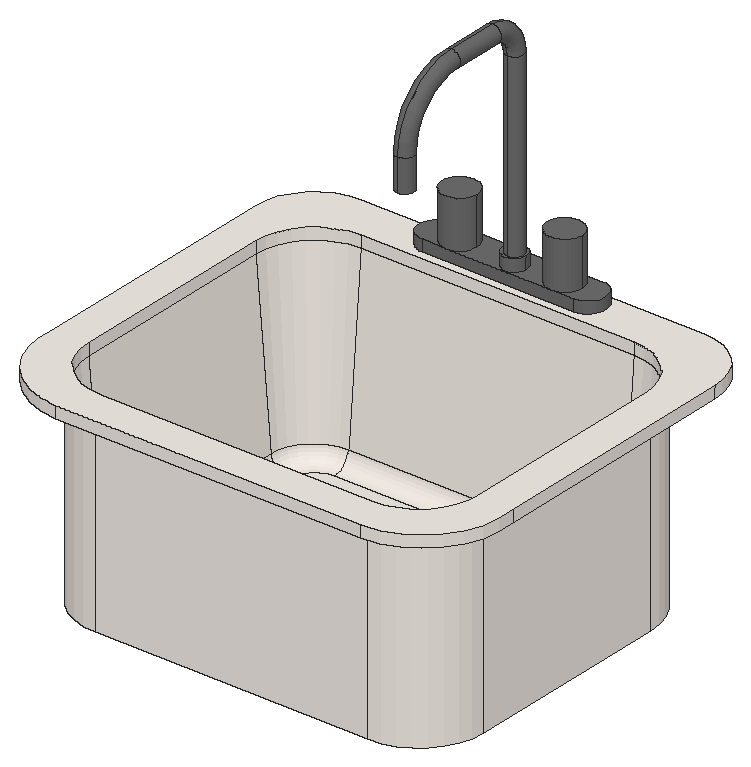
Revit family
Parameters (values of type "500 x 440mm")
  Basin Material = Porcelain - Linen
  Counter Height [instance] = 750.00 mm
  Depth = 440.00 mm
  Fixture Material = Metal - Steel, Polished
  Width = 500.00 mm
Reference planes
  plane 1 "Center (Front/Back)": y = 5.52
  plane 2: z = 0
  plane 3 "Center (Left/Right)": x = 15.689
  plane 4: y = 180.145
  plane 5: y = -259.855
  plane 6: x = -234.311
  plane 7: x = 265.689
  plane 8 "Top Of Counter": z = 750
  plane 9: z = 762.7
  plane 10: z = 534.1
  plane 11: y = 132.52
  plane 12: x = -196.211
  plane 13: y = -221.755
  plane 14: x = 227.589
  plane 15: x = -85.911
  plane 16: x = 117.289
  plane 17: y = 156.333
  plane 18: y = 156.333
  plane 19: y = 156.333
  plane 20: z = 1013.525
  plane 21: y = 7.108
  plane 22: z = 826.2
  plane 23: z = 788.1
  plane 24: y = 161.095
  plane 25: x = -47.811
  plane 26: x = 66.489
Forms (mm)
  Extrusion 1, solid, material "Porcelain - Linen" <- "Basin Material"
    sketch origin (0, 0, 0) x (1, 0, 0) y (0, 1, 0)
      loop
        arc (181.339, -259.855) -> (246.052, -227.766) -> (265.689, -158.255) r 89.057
        line (265.689, -158.255) -> (265.689, 116.645)
        arc (265.689, 116.645) -> (247.091, 161.547) -> (202.189, 180.145) r 63.5
        line (202.189, 180.145) -> (-170.811, 180.145)
        arc (-170.811, 180.145) -> (-215.712, 161.547) -> (-234.311, 116.645) r 63.5
        line (-234.311, 116.645) -> (-234.311, -158.255)
        arc (-234.311, -158.255) -> (-214.674, -227.766) -> (-149.961, -259.855) r 89.057
        line (-149.961, -259.855) -> (181.339, -259.855)
      loop
        arc (-132.711, 132.52) -> (-177.612, 113.922) -> (-196.211, 69.02) r 63.5
        line (-196.211, 69.02) -> (-196.211, -158.255)
        arc (-196.211, -158.255) -> (-177.612, -203.156) -> (-132.711, -221.755) r 63.5
        line (-132.711, -221.755) -> (164.089, -221.755)
        arc (164.089, -221.755) -> (208.991, -203.156) -> (227.589, -158.255) r 63.5
        line (227.589, -158.255) -> (227.589, 69.02)
        arc (227.589, 69.02) -> (208.991, 113.922) -> (164.089, 132.52) r 63.5
        line (164.089, 132.52) -> (-132.711, 132.52)
    from 750 to 762.7
  Sweep 2, solid, material "Porcelain - Linen" <- "Basin Material"
    path origin (0, 0, 0) x (1, 0, 0) y (0, 1, 0)
      loop
        arc (-132.711, 132.52) -> (-177.612, 113.922) -> (-196.211, 69.02) r 63.5
        line (-196.211, 69.02) -> (-196.211, -158.255)
        arc (-196.211, -158.255) -> (-177.612, -203.156) -> (-132.711, -221.755) r 63.5
        line (-132.711, -221.755) -> (164.089, -221.755)
        arc (164.089, -221.755) -> (208.991, -203.156) -> (227.589, -158.255) r 63.5
        line (227.589, -158.255) -> (227.589, 69.02)
        arc (227.589, 69.02) -> (208.991, 113.922) -> (164.089, 132.52) r 63.5
        line (164.089, 132.52) -> (-132.711, 132.52)
    profile origin (15.689, 0, 0) x (0, 1, 0) y (0, 0, 1)
      loop
        line (132.52, 750) -> (115.986, 561.015)
        arc (115.986, 561.015) -> (109.879, 548.63) -> (97.009, 543.625) r 19.05
        line (97.009, 543.625) -> (94.42, 543.625) -> (94.42, 534.1) -> (138.87, 534.1) -> (138.87, 750) -> (132.52, 750)
  Extrusion 3, solid, material "Porcelain - Linen" <- "Basin Material"
    sketch origin (0, 0, 0) x (1, 0, 0) y (0, 1, 0)
      loop
        arc (-132.711, 94.42) -> (-150.671, 86.981) -> (-158.111, 69.02) r 25.4
        line (-158.111, 69.02) -> (-158.111, -158.255)
        arc (-158.111, -158.255) -> (-150.671, -176.215) -> (-132.711, -183.655) r 25.4
        line (-132.711, -183.655) -> (164.089, -183.655)
        arc (164.089, -183.655) -> (182.05, -176.215) -> (189.489, -158.255) r 25.4
        line (189.489, -158.255) -> (189.489, 69.02)
        arc (189.489, 69.02) -> (182.05, 86.981) -> (164.089, 94.42) r 25.4
        line (164.089, 94.42) -> (-132.711, 94.42)
      loop
        circle (15.689, 3.175) r 25.4
    from 534.1 to 543.625
  Extrusion 4, solid, material "Metal - Steel, Polished" <- "Fixture Material"
    sketch origin (0, -17.559, 0) x (1, 0, 0) y (0, 1, 0)
      loop
        circle (-47.811, 178.654) r 19.05
      loop
        circle (66.489, 178.654) r 19.05
    from 762.7 to 826.2
  Sweep 5, solid, material "Metal - Steel, Polished" <- "Fixture Material"
    path origin (15.689, 0, 0) x (0, 1, 0) y (0, 0, 1)
      loop
        line (156.333, 762.7) -> (156.333, 983.363)
        arc (156.333, 983.363) -> (147.499, 1004.691) -> (126.17, 1013.525) r 30.163
        line (126.17, 1013.525) -> (70.608, 1013.525)
        arc (70.608, 1013.525) -> (25.707, 994.926) -> (7.108, 950.025) r 63.5
        line (7.108, 950.025) -> (7.108, 915.1)
    profile origin (15.689, 0, 873.031) x (0, -1, 0) y (1, 0, 0)
      loop
        circle (-156.333, 0) r 9.525
  Extrusion 6, solid, material "Metal - Steel, Polished" <- "Fixture Material"
    sketch origin (0, 0, 0) x (1, 0, 0) y (0, 1, 0)
      loop
        circle (15.689, 156.333) r 12.7
    from 762.7 to 788.1
  Extrusion 7, solid, material "Metal - Steel, Polished" <- "Fixture Material"
    sketch origin (0, 0, 0) x (1, 0, 0) y (0, 1, 0)
      loop
        arc (-73.211, 180.145) -> (-92.261, 161.095) -> (-73.211, 142.045) r 19.05
        line (-73.211, 142.045) -> (91.889, 142.045)
        arc (91.889, 142.045) -> (110.939, 161.095) -> (91.889, 180.145) r 19.05
        line (91.889, 180.145) -> (-73.211, 180.145)
    from 762.7 to 775.2
Cuts and joins
  joined: Extrusion 4, Sweep 5, Extrusion 6, Extrusion 7
  joined: Extrusion 1, Sweep 2, Extrusion 3
Lines and regions (mm)
  Masking region 1
    outline origin (0, 0, 750) x (0, -1, 0) y (1, 0, 0)
      loop
        line (-116.645, -234.311) -> (170.955, -234.311)
        arc (170.955, -234.311) -> (233.816, -208.273) -> (259.855, -145.411) r 88.9
        line (259.855, -145.411) -> (259.855, 181.339)
        arc (259.855, 181.339) -> (235.149, 240.984) -> (175.505, 265.689) r 84.35
        line (175.505, 265.689) -> (-116.645, 265.689)
        arc (-116.645, 265.689) -> (-161.547, 247.091) -> (-180.145, 202.189) r 63.5
        line (-180.145, 202.189) -> (-180.145, -170.811)
        arc (-180.145, -170.811) -> (-161.547, -215.712) -> (-116.645, -234.311) r 63.5
  symbolic lines
    curve 1: line (265.689, -175.505, 750) -> (265.689, 116.645, 750)
    curve 2: line (-145.411, -259.855, 750) -> (181.339, -259.855, 750)
    curve 3: line (-234.311, 116.645, 750) -> (-234.311, -170.955, 750)
    curve 4: arc (41.089, 3.175, 750) -> (15.689, 28.575, 750) -> (-9.711, 3.175, 750) r 25.4
    curve 5: arc (-9.711, 3.175, 750) -> (15.689, -22.225, 750) -> (41.089, 3.175, 750) r 25.4
    curve 6: line (-196.211, 69.02, 750) -> (-196.211, -158.255, 750)
    curve 7: line (-132.711, -221.755, 750) -> (164.089, -221.755, 750)
    curve 8: line (227.589, -158.255, 750) -> (227.589, 69.02, 750)
    curve 9: line (164.089, 132.52, 750) -> (28.389, 132.52, 750)
    curve 10: arc (164.089, -221.755, 750) -> (208.991, -203.156, 750) -> (227.589, -158.255, 750) r 63.5
    curve 11: arc (-196.211, -158.255, 750) -> (-177.612, -203.156, 750) -> (-132.711, -221.755, 750) r 63.5
    curve 12: arc (-132.711, 132.52, 750) -> (-177.612, 113.922, 750) -> (-196.211, 69.02, 750) r 63.5
    curve 13: arc (28.389, 160.745, 750) -> (15.689, 173.445, 750) -> (2.989, 160.745, 750) r 12.7
    curve 14: line (2.989, 160.745, 750) -> (2.989, 40.391, 750)
    curve 15: line (28.389, 160.745, 750) -> (28.389, 40.391, 750)
    curve 16: arc (28.389, 40.391, 750) -> (15.689, 27.691, 750) -> (2.989, 40.391, 750) r 12.7
    curve 17: line (2.989, 132.52, 750) -> (-132.711, 132.52, 750)
    curve 18: arc (-234.311, -170.955, 750) -> (-208.273, -233.816, 750) -> (-145.411, -259.855, 750) r 88.9
    curve 19: arc (181.339, -259.855, 750) -> (240.984, -235.149, 750) -> (265.689, -175.505, 750) r 84.35
    curve 20: arc (164.089, 132.52, 750) -> (208.991, 113.922, 750) -> (227.589, 69.02, 750) r 63.5
    curve 21: line (202.189, 180.145, 750) -> (-170.811, 180.145, 750)
    curve 22: arc (-170.811, 180.145, 750) -> (-215.712, 161.547, 750) -> (-234.311, 116.645, 750) r 63.5
    curve 23: arc (265.689, 116.645, 750) -> (247.091, 161.547, 750) -> (202.189, 180.145, 750) r 63.5
    curve 24: arc (85.539, 161.095, 750) -> (66.489, 180.145, 750) -> (47.439, 161.095, 750) r 19.05
    curve 25: arc (85.539, 161.095, 750) -> (66.489, 142.045, 750) -> (47.439, 161.095, 750) r 19.05
    curve 26: arc (-28.761, 161.095, 750) -> (-47.811, 180.145, 750) -> (-66.861, 161.095, 750) r 19.05
    curve 27: arc (-66.861, 161.095, 750) -> (-47.811, 142.045, 750) -> (-28.761, 161.095, 750) r 19.05
    curve 28: line (-73.211, 142.045, 750) -> (2.989, 142.045, 750)
    curve 29: arc (91.889, 142.045, 750) -> (110.939, 161.095, 750) -> (91.889, 180.145, 750) r 19.05
    curve 30: arc (-73.211, 180.145, 750) -> (-92.261, 161.095, 750) -> (-73.211, 142.045, 750) r 19.05
    curve 31: line (91.889, 180.145, 750) -> (-73.211, 180.145, 750)
    curve 32: line (28.389, 142.045, 750) -> (91.889, 142.045, 750)
Dimensions and locks
  equal spacing: plane 6, plane 3 "Center (Left/Right)", plane 7
  "Width": plane 6 to plane 7
  "Depth": plane 5 to plane 4
  "Counter Height": plane 8 "Top Of Counter" to plane 2
  locked: plane 9 to plane 8 "Top Of Counter" at 12.7
  locked: plane 8 "Top Of Counter" to plane 10 at 215.9
  locked: plane 6 to plane 12 at 38.1
  locked: plane 14 to plane 7 at 38.1
  locked: plane 5 to plane 13 at 38.1
  equal spacing: plane 11, plane 17, plane 4
  equal spacing: plane 11, plane 18, plane 4
  equal spacing: plane 4, plane 19, plane 11
  locked: plane 19 to plane 21 at 149.225
  locked: plane 20 to plane 9 at 250.825
  locked: plane 22 to plane 9 at 63.5
  locked: plane 23 to plane 9 at 25.4
  locked: plane 1 "Center (Front/Back)" to plane 4 at 174.625
  plane 24 to plane 4 = 19.05 mm
  locked: plane 25 to plane 3 "Center (Left/Right)" at 63.5
  locked: plane 3 "Center (Left/Right)" to plane 26 at 50.8
  locked: level to plane 2 at 0
  locked: plane 9 to cut or joined group of Extrusion 4, Sweep 5, Extrusion 6, Extrusion 7 at 12.5
  aligned and locked: Extrusion 1 sketch curve to plane 5
  aligned and locked: plane 8 "Top Of Counter" to Extrusion 1
  aligned and locked: Extrusion 1 to plane 9
  aligned and locked: plane 11 to Extrusion 1 sketch curve
  aligned and locked: plane 14 to Extrusion 1 sketch curve
  aligned and locked: Extrusion 1 sketch curve to plane 12
  aligned and locked: Extrusion 1 sketch curve to plane 13
  aligned and locked: plane 11 to Sweep 2 sketch curve
  aligned and locked: plane 14 to Sweep 2 sketch curve
  aligned and locked: Sweep 2 sketch curve to plane 12
  aligned and locked: Sweep 2 sketch curve to plane 13
  aligned and locked: Sweep 2 to Extrusion 3 sketch curve  (x4)
  aligned and locked: Sweep 2 to Extrusion 3
  aligned and locked: plane 10 to Extrusion 3
  aligned and locked: Sweep 2 sketch curve to plane 10
  aligned and locked: plane 8 "Top Of Counter" to Sweep 2 sketch curve
  aligned and locked: Extrusion 4 to Extrusion 1
  aligned and locked: Extrusion 6 to Extrusion 1
  aligned and locked: Sweep 5 sketch curve to plane 19
  aligned and locked: plane 20 to Sweep 5 sketch curve
  aligned and locked: plane 21 to Sweep 5 sketch curve
  aligned and locked: Extrusion 4 to plane 22
  aligned and locked: Extrusion 6 to plane 23
  aligned and locked: Extrusion 7 to Extrusion 1
  aligned and locked: Masking region 1 sketch curve to curve 3
  aligned and locked: Masking region 1 sketch curve to curve 2
  aligned and locked: Masking region 1 sketch curve to curve 1
  aligned and locked: Masking region 1 sketch curve to curve 21
Automatic sketch dimensions
  Sweep 2 sketch curve to plane 12 = 63.50 mm
  Sweep 2 sketch curve to Sweep 2 sketch curve = 63.50 mm
  plane 11 to Sweep 2 sketch curve = 63.50 mm
  plane 14 to Sweep 2 sketch curve = 63.50 mm
  Sweep 2 sketch curve to profile plane = 0.00 mm
  profile plane to Sweep 2 sketch curve = 16.534 mm
  Sweep 2 sketch curve to Sweep 2 sketch curve = 18.978 mm
  Sweep 2 sketch curve to Sweep 2 sketch curve = 2.588 mm
  Sweep 2 sketch curve to profile plane = 6.35 mm
  Sweep 2 sketch curve to Sweep 2 sketch curve = 9.525 mm
  Sweep 2 sketch curve to Sweep 2 sketch curve = 17.39 mm
  Sweep 5 sketch curve to plane 3 "Center (Left/Right)" = 0.00 mm
  Sweep 5 sketch curve to profile plane = 0.00 mm
  profile plane to Sweep 5 sketch curve = 9.525 mm
  Extrusion 6 sketch curve to plane 18 = 0.00 mm
  Extrusion 6 sketch curve to plane 3 "Center (Left/Right)" = 0.00 mm
  Extrusion 6 sketch curve to plane 3 "Center (Left/Right)" = 12.70 mm
  Sweep 5 sketch curve to plane 9 = 0.00 mm
  Sweep 5 sketch curve to Sweep 5 sketch curve = 63.50 mm
  plane 11 to Sweep 5 sketch curve = 6.35 mm
  Sweep 5 sketch curve to Sweep 5 sketch curve = 34.925 mm
  Extrusion 3 sketch curve to plane 3 "Center (Left/Right)" = 0.00 mm
  Extrusion 3 sketch curve to Extrusion 3 sketch curve = 25.40 mm  (x4)
  plane 1 "Center (Front/Back)" to Extrusion 3 sketch curve = 2.345 mm
  Extrusion 3 sketch curve to plane 1 "Center (Front/Back)" = 63.50 mm
  Extrusion 7 sketch curve to plane 24 = 0.00 mm
  plane 25 to Extrusion 7 sketch curve = 25.40 mm
  plane 4 to Extrusion 7 sketch curve = 0.00 mm
  plane 3 "Center (Left/Right)" to Extrusion 7 sketch curve = 76.20 mm
  Extrusion 1 sketch curve to plane 6 = 0.00 mm
  Extrusion 1 sketch curve to plane 4 = 0.00 mm
  Extrusion 1 sketch curve to plane 7 = 0.00 mm
  plane 11 to Extrusion 1 sketch curve = 15.875 mm
  Extrusion 1 sketch curve to Extrusion 1 sketch curve = 38.10 mm
  Extrusion 1 sketch curve to plane 12 = 46.25 mm
  Extrusion 1 sketch curve to Extrusion 1 sketch curve = 50.057 mm
  Extrusion 1 sketch curve to Extrusion 1 sketch curve = 17.25 mm  (x2)
  Extrusion 1 sketch curve to Extrusion 1 sketch curve = 63.50 mm  (x2)
  Extrusion 1 sketch curve to Extrusion 1 sketch curve = 13.443 mm
  plane 14 to Extrusion 1 sketch curve = 25.40 mm
  Extrusion 1 sketch curve to Extrusion 1 sketch curve = 12.625 mm  (x2)
  Extrusion 4 sketch curve to plane 24 = 0.00 mm  (x2)
  Extrusion 4 sketch curve to plane 25 = 0.00 mm
  Extrusion 4 sketch curve to plane 26 = 0.00 mm
  Extrusion 4 sketch curve to Extrusion 4 sketch curve = 19.05 mm  (x2)
  plane 11 to Masking region 1 sketch curve = 15.875 mm  (x2)
  Masking region 1 sketch curve to plane 13 = 50.80 mm
  Masking region 1 sketch curve to plane 13 = 46.25 mm
  curve 21 to plane 4 = 0.00 mm
  curve 31 to plane 4 = 0.00 mm
  curve 26 to plane 24 = 0.00 mm
  curve 25 to plane 24 = 0.00 mm
  curve 29 to plane 24 = 0.00 mm
  curve 30 to plane 24 = 0.00 mm
  curve 13 to plane 3 "Center (Left/Right)" = 0.00 mm
  curve 9 to plane 11 = 0.00 mm
  curve 17 to plane 11 = 0.00 mm
  curve 3 to plane 6 = 0.00 mm
  curve 23 to plane 7 = 0.00 mm
  curve 8 to plane 14 = 0.00 mm
  curve 6 to plane 12 = 0.00 mm
  curve 4 to plane 3 "Center (Left/Right)" = 0.00 mm
  curve 7 to plane 13 = 0.00 mm
  curve 18 to plane 5 = 0.00 mm
  curve 26 to plane 25 = 0.00 mm
  curve 25 to plane 26 = 0.00 mm
  plane 24 to curve 13 = 0.351 mm
  plane 11 to curve 23 = 15.875 mm
  plane 11 to curve 22 = 15.875 mm
  curve 22 to curve 12 = 47.625 mm
  curve 23 to curve 20 = 47.625 mm
  curve 14 to plane 3 "Center (Left/Right)" = 12.70 mm
  curve 14 to plane 1 "Center (Front/Back)" = 34.87 mm
  plane 1 "Center (Front/Back)" to curve 4 = 2.345 mm
  curve 11 to plane 13 = 63.50 mm
  curve 8 to plane 13 = 63.50 mm
  curve 11 to curve 18 = 12.70 mm
  curve 10 to curve 19 = 17.25 mm
  plane 25 to curve 31 = 25.40 mm
  plane 25 to curve 28 = 25.40 mm
  curve 30 to curve 26 = 6.35 mm
  curve 4 to plane 3 "Center (Left/Right)" = 25.40 mm
  plane 26 to curve 24 = 19.05 mm
  curve 24 to curve 29 = 6.35 mm
  curve 31 to curve 29 = 0.00 mm
